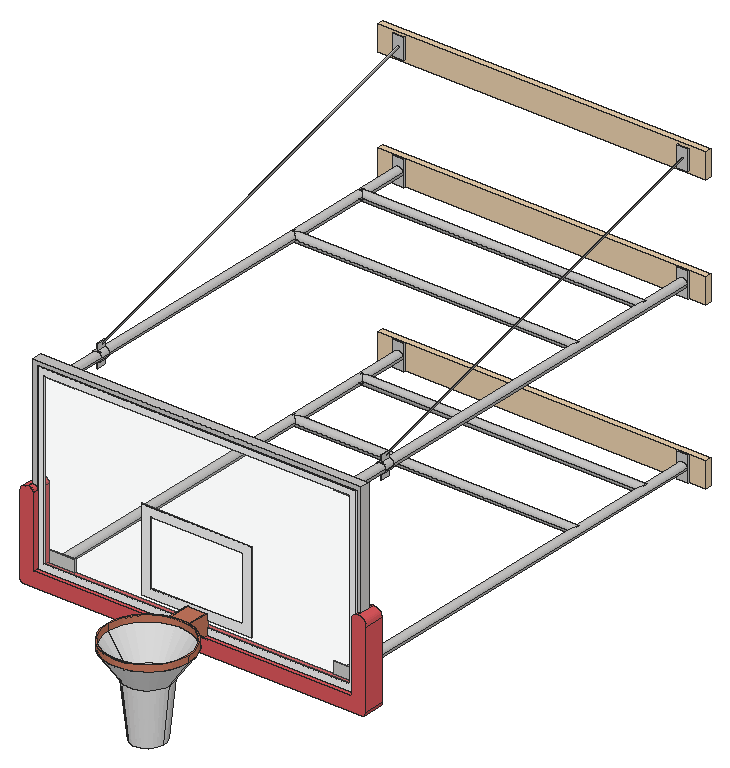
Revit family "Basketball_Backstop-Wall_Mount-Stationary-IPIbyBison-PKGxxSTRG", category Specialty Equipment, Revit 2025
Family settings
  Round Connector Dimension = Use Diameter
  Part Type = Normal
  OmniClass Number = 23.40.50.34.14
  OmniClass Title = Gymnasium Equipment
  Work Plane-Based = No
  Enable Cutting in Views = No
  Always vertical = Yes
  Cut with Voids When Loaded = No
  Maintain Annotation Orientation = No
  Shared = No
  Room Calculation Point = No
Parameters (values of type "PKG82STRG")
  padding color [instance] = Plastic - IPI by Bison - Scarlet SC
  Width = 6' - 0"
  Wall Plate Material = Wood - IPI by Bison
  URL = "https://ipibybison.com/"
  Suspension Type = "Telescoping"
  Support Tubing Material = Steel - IPI by Bison - Tubular Support
  Support Tubing Diameter = 0' - 1.9"
  Specification = "https://www.arcat.com/company/ipi-by-bison-38554/spec"
  Product Page URL = "https://www.arcat.com/arcatcos/cos38/arc38554.html"
  Padding Color [instance] = Plastic - IPI by Bison - Scarlet SC
  PKG82STRG Extension Range = "96\" to 144\""
  PKG68STRG Extension Range = "72\" to 96\""
  PKG46STRG Extension Range = "48\" to 72\""
  Netting = Finish - IPI by Bison - White Netting
  Mounting Height [instance] = 8' - 0"
  Model = "PKG82STRG"
  Manufacturer = "IPI by Bison"
  Keynote = "11 66 00"
  Hoop Finish = Powder Coat - IPI by Bison - Outdoor Orange
  Extension Depth = 8' - 0"
  Description = "Basketball Frame and Backboard, Wall Mount"
  Default Elevation = 0' - 0"
  Copyright = "© 2023 ARCAT"  # constant formula
  Category = ""
  CAD Details = "https://www.arcat.com/company/ipi-by-bison-38554/cad"
  Backboard Material = Fiberglass - IPI by Bison - Backboard
  Backboard Height = 3' - 6"
  Backboard Frame Material = Steel - IPI by Bison - Tubular Support
Types (3): name | Model | Extension Depth
  PKG68STRG | "PKG68STRG" | 6' - 0"
  PKG82STRG | "PKG82STRG" | 8' - 0"
  PKG46STRG | "PKG46STRG" | 4' - 0"
Reference planes (in)
  plane 1 "Back": y = 0
  plane 2 "Floor": z = 0
  plane 3 "Center (Left/Right)": x = 0
  plane 4 "Front": y = -96
  plane 5: y = -94
  plane 6 "Left": x = -36
  plane 7 "Right": x = 36
  plane 8 "Chain Alignment": x = -31.188
  plane 9 "Backboard Bottom": z = 96
  plane 10 "Chain Alignment 2": x = 31.188
  plane 11 "Top": z = 138
  plane 12: z = 135.091
  plane 13: z = 98.909
  plane 14: y = -1.5
  plane 15: y = -1.75
  plane 16: y = -93.75
  plane 17: z = 137.841
  plane 18: z = 132.341
  plane 19: z = 96.159
  plane 20: z = 101.659
  plane 21: x = -32.438
  plane 22: x = -29.938
  plane 23: x = 32.438
  plane 24: x = 29.938
  plane 25: z = 101.25
  plane 26: y = -96.0625
  plane 27: y = -12
  plane 28: z = 156.841
  plane 29 "Top Plate": z = 162.341
  plane 30: y = -82.5
  plane 31: y = -84.5
  plane 32: y = -83.5
  plane 33: z = 159.591
  plane 34: z = 136.841
  plane 35 "Board Center": y = -95
  plane 36: y = -30.5
Forms (in)
  Extrusion 1, solid, material "Steel - IPI by Bison - Tubular Support" <- "Support Tubing Material"
    sketch origin (0, 0, 0) x (1, 0, 0) y (0, 0, 1)
      loop
        circle (-31.188, 98.909) r 0.95
      loop
        circle (-31.188, 135.091) r 0.95
      loop
        circle (31.188, 98.909) r 0.95
      loop
        circle (31.188, 135.091) r 0.95
    from 1.75 to 93.75
  Extrusion 2, solid, material "Wood - IPI by Bison" <- "Wall Plate Material"
    sketch origin (0, 0, 0) x (0, 1, 0) y (0, 0, 1)
      loop
        line (0, 137.841) -> (-1.5, 137.841) -> (-1.5, 132.341) -> (0, 132.341) -> (0, 137.841)
      loop
        line (0, 101.659) -> (-1.5, 101.659) -> (-1.5, 96.159) -> (0, 96.159) -> (0, 101.659)
      loop
        line (0, 162.341) -> (-1.5, 162.341) -> (-1.5, 156.841) -> (0, 156.841) -> (0, 162.341)
    from -36 to 36
  Extrusion 3, solid, material "Steel - IPI by Bison - Tubular Support" <- "Support Tubing Material"
    sketch origin (0, 0, 0) x (1, 0, 0) y (0, 0, 1)
      loop
        line (-32.438, 137.841) -> (-32.438, 132.341) -> (-29.938, 132.341) -> (-29.938, 137.841) -> (-32.438, 137.841)
      loop
        line (29.938, 137.841) -> (29.938, 132.341) -> (32.438, 132.341) -> (32.438, 137.841) -> (29.938, 137.841)
      loop
        line (-32.438, 101.659) -> (-32.438, 96.159) -> (-29.938, 96.159) -> (-29.938, 101.659) -> (-32.438, 101.659)
      loop
        line (29.938, 101.659) -> (29.938, 96.159) -> (32.438, 96.159) -> (32.438, 101.659) -> (29.938, 101.659)
      loop
        line (-32.438, 161.841) -> (-32.438, 157.341) -> (-29.938, 157.341) -> (-29.938, 161.841) -> (-32.438, 161.841)
      loop
        line (32.438, 161.841) -> (29.938, 161.841) -> (29.938, 157.341) -> (32.438, 157.341) -> (32.438, 161.841)
    from 1.5 to 1.75
  Extrusion 4, solid, material "Steel - IPI by Bison - Tubular Support" <- "Support Tubing Material"
    sketch origin (0, 0, 0) x (1, 0, 0) y (0, 0, 1)
      loop
        line (-33.938, 133.841) -> (-28.438, 133.841) -> (-28.438, 136.341) -> (-33.938, 136.341) -> (-33.938, 133.841)
      loop
        line (33.938, 133.841) -> (33.938, 136.341) -> (28.438, 136.341) -> (28.438, 133.841) -> (33.938, 133.841)
      loop
        line (-33.938, 97.659) -> (-28.438, 97.659) -> (-28.438, 100.159) -> (-33.938, 100.159) -> (-33.938, 97.659)
      loop
        line (33.938, 97.659) -> (33.938, 100.159) -> (28.438, 100.159) -> (28.438, 97.659) -> (33.938, 97.659)
    from 93.75 to 94
  Extrusion 5, solid, material "Steel - IPI by Bison - Tubular Support" <- "Backboard Frame Material"
    sketch origin (0, 0, 0) x (1, 0, 0) y (0, 0, 1)
      loop
        line (-36, 138) -> (-36, 96) -> (36, 96) -> (36, 138) -> (-36, 138)
      loop
        line (-35, 137) -> (-35, 97) -> (35, 97) -> (35, 137) -> (-35, 137)
    from 94 to 96
  Extrusion 6, solid, material "Powder Coat - IPI by Bison - White"
    sketch origin (0, 0, 0) x (1, 0, 0) y (0, 0, 1)
      loop
        line (-35, 137) -> (-35, 97) -> (35, 97) -> (35, 137) -> (-35, 137)
      loop
        line (-33.5, 98.5) -> (33.5, 98.5) -> (33.5, 135.5) -> (-33.5, 135.5) -> (-33.5, 98.5)
      loop
        line (-12.061, 99.898) -> (12.061, 99.898) -> (12.061, 117.898) -> (-12.061, 117.898) -> (-12.061, 99.898)
      loop
        line (-10.061, 115.898) -> (-10.061, 101.898) -> (10.061, 101.898) -> (10.061, 115.898) -> (-10.061, 115.898)
    from 96 to 96.0625
  Extrusion 7, solid, material "Fiberglass - IPI by Bison - Backboard" <- "Backboard Material"
    sketch origin (0, 0, 0) x (1, 0, 0) y (0, 0, 1)
      loop
        line (-35, 137) -> (-35, 97) -> (35, 97) -> (35, 137) -> (-35, 137)
    from 94 to 96
  Extrusion 8, solid, material "Steel - IPI by Bison - Tubular Support" <- "Support Tubing Material"
    sketch origin (0, 0, 0) x (0, 1, 0) y (0, 0, 1)
      loop
        circle (-12, 135.091) r 0.95
      loop
        circle (-12, 98.909) r 0.95
    from -31.188 to 31.188
  Extrusion 9, solid, material "Steel - IPI by Bison - Tubular Support" <- "Support Tubing Material"
    sketch origin (0, 0, 0) x (1, 0, 0) y (0, 0, 1)
      loop
        circle (-31.188, 135.091) r 0.95
      loop
        arc (-31.313, 136.18535) -> (-32.28946, 135.091) -> (-31.313, 133.99665) r 1.10146
        line (-31.313, 133.99665) -> (-31.313, 132.657) -> (-31.063, 132.657) -> (-31.063, 133.99665)
        arc (-31.063, 133.99665) -> (-30.08654, 135.091) -> (-31.063, 136.18535) r 1.10146
        line (-31.063, 136.18535) -> (-31.063, 137.525) -> (-31.313, 137.525) -> (-31.313, 136.18535)
      loop
        circle (31.188, 135.091) r 0.95
      loop
        line (31.313, 136.18535) -> (31.313, 137.525) -> (31.063, 137.525) -> (31.063, 136.18535)
        arc (31.063, 136.18535) -> (30.08654, 135.091) -> (31.063, 133.99665) r 1.10146
        line (31.063, 133.99665) -> (31.063, 132.657) -> (31.313, 132.657) -> (31.313, 133.99665)
        arc (31.313, 133.99665) -> (32.28946, 135.091) -> (31.313, 136.18535) r 1.10146
    from 82.5 to 84.5
  Sweep 10, solid, material "Steel - IPI by Bison - Tubular Support" <- "Support Tubing Material"
    path origin (-31.188, 0, 0) x (0, 1, 0) y (0, 0, 1)
      loop
        line (-1.75, 159.591) -> (-83.5, 136.82634)
    profile origin (-31.188, -42.625, 148.20867) x (0, 0.26826, -0.963347) y (1, 0, 0)
      loop
        circle (0, 0) r 0.125
  Sweep 11, solid, material "Steel - IPI by Bison - Tubular Support" <- "Support Tubing Material"
    path origin (31.188, 0, 0) x (0, 1, 0) y (0, 0, 1)
      loop
        line (-1.75, 159.591) -> (-83.5, 136.82634)
    profile origin (31.188, -42.625, 148.20867) x (0, -0.26826, 0.963347) y (-1, 0, 0)
      loop
        circle (0, 0) r 0.125
  Extrusion 12, solid, material "Plastic - IPI by Bison - Scarlet SC" <- "padding color"
    sketch origin (-65.33518, -95, 0.37719) x (-1, 0, 0) y (0, 0, 1)
      loop
        arc (-29.36353, 112.98146) -> (-30.07064, 112.68857) -> (-30.36353, 111.98146) r 1
        line (-30.36353, 111.98146) -> (-30.36353, 96.62281) -> (-100.33518, 96.62281) -> (-100.33518, 111.98146)
        arc (-100.33518, 111.98146) -> (-100.62808, 112.68857) -> (-101.33518, 112.98146) r 1
        line (-101.33518, 112.98146) -> (-101.61353, 112.98146)
        arc (-101.61353, 112.98146) -> (-102.85097, 112.4689) -> (-103.36353, 111.23146) r 1.75
        line (-103.36353, 111.23146) -> (-103.36353, 94.48146)
        arc (-103.36353, 94.48146) -> (-103.07064, 93.77435) -> (-102.36353, 93.48146) r 1
        line (-102.36353, 93.48146) -> (-28.36353, 93.48146)
        arc (-28.36353, 93.48146) -> (-27.65643, 93.77435) -> (-27.36353, 94.48146) r 1
        line (-27.36353, 94.48146) -> (-27.36353, 111.23146)
        arc (-27.36353, 111.23146) -> (-27.8761, 112.4689) -> (-29.11353, 112.98146) r 1.75
        line (-29.11353, 112.98146) -> (-29.36353, 112.98146)
    from -2.18697 to 2.14819
  Extrusion 13, solid, material "Steel - IPI by Bison - Tubular Support" <- "Support Tubing Material"
    sketch origin (0, -18.5, 0) x (0, 1, 0) y (0, 0, 1)
      loop
        circle (-12, 135.091) r 0.95
      loop
        circle (-12, 98.909) r 0.95
    from -31.188 to 31.188
Dimensions and locks (in)
  "Extension Depth": plane 1 "Back" to plane 4 "Front"
  locked: plane 5 to plane 4 "Front" at 2
  equal spacing: plane 6 "Left", plane 3 "Center (Left/Right)", plane 7 "Right"
  "Width": plane 6 "Left" to plane 7 "Right"
  "Mounting Height": plane 9 "Backboard Bottom" to level
  "Backboard Height": plane 11 "Top" to plane 9 "Backboard Bottom"
  plane 14 to plane 1 "Back" = 0' - 1 1/2"
  locked: plane 14 to plane 15 at 0.25
  locked: plane 16 to plane 5 at 0.25
  equal spacing: plane 17, plane 12, plane 18
  locked: plane 17 to plane 18 at 5.5
  equal spacing: plane 20, plane 13, plane 19
  locked: plane 20 to plane 19 at 5.5
  equal spacing: plane 22, plane 8 "Chain Alignment", plane 21
  locked: plane 22 to plane 21 at 2.5
  equal spacing: plane 24, plane 10 "Chain Alignment 2", plane 23
  locked: plane 24 to plane 23 at 2.5
  equal spacing: Extrusion 4 sketch curve, plane 8 "Chain Alignment", Extrusion 4 sketch curve  (x2)
  locked: Extrusion 4 sketch curve to Extrusion 4 sketch curve at 5.5  (x4)
  equal spacing: Extrusion 4 sketch curve, plane 12, Extrusion 4 sketch curve  (x2)
  locked: Extrusion 4 sketch curve to Extrusion 4 sketch curve at 2.5  (x4)
  equal spacing: Extrusion 4 sketch curve, plane 10 "Chain Alignment 2", Extrusion 4 sketch curve  (x2)
  equal spacing: Extrusion 4 sketch curve, plane 13, Extrusion 4 sketch curve  (x2)
  locked: plane 11 "Top" to Extrusion 5 sketch curve at 1
  locked: Extrusion 5 sketch curve to Extrusion 5 sketch curve at 1
  locked: Extrusion 5 sketch curve to plane 7 "Right" at 1
  locked: Extrusion 5 sketch curve to plane 6 "Left" at 1
  Extrusion 6 sketch curve to Extrusion 5 to plane 6 "Left" = 0' - 1 1/2" locked, 0' - 1" locked
  Extrusion 6 sketch curve to Extrusion 5 to plane 7 "Right" = 0' - 1 1/2" locked, 0' - 1" locked
  plane 11 "Top" to Extrusion 5 to Extrusion 6 sketch curve = 0' - 1" locked, 0' - 1 1/2" locked
  Extrusion 6 sketch curve to Extrusion 5 to plane 9 "Backboard Bottom" = 0' - 1 1/2" locked, 0' - 1" locked
  locked: plane 21 to plane 6 "Left" at 3.562
  locked: plane 23 to plane 7 "Right" at 3.562
  locked: Extrusion 6 to plane 6 "Left" at 1
  locked: Extrusion 6 to plane 7 "Right" at 1
  locked: Extrusion 6 to plane 9 "Backboard Bottom" at 1
  locked: plane 11 "Top" to Extrusion 6 at 1
  locked: plane 25 to plane 9 "Backboard Bottom" at 5.25
  locked: plane 4 "Front" to plane 26 at 0.0625
  equal spacing: Extrusion 6 sketch curve, plane 3 "Center (Left/Right)", Extrusion 6 sketch curve
  locked: Extrusion 6 sketch curve to Extrusion 6 sketch curve at 2  (x4)
  locked: Extrusion 6 sketch curve to Extrusion 6 sketch curve at 14
  locked: Extrusion 6 sketch curve to plane 9 "Backboard Bottom" at 3.898
  locked: plane 27 to plane 1 "Back" at 12
  locked: plane 29 "Top Plate" to Extrusion 3 sketch curve at 0.5  (x2)
  locked: Extrusion 3 sketch curve to plane 28 at 0.5  (x2)
  locked: Extrusion 9 sketch curve to plane 12 at 2.434  (x2)
  locked: plane 12 to Extrusion 9 sketch curve at 2.434  (x2)
  locked: plane 30 to plane 31 at 2
  equal spacing: plane 30, plane 32, plane 31
  equal spacing: plane 29 "Top Plate", plane 33, plane 28
  locked: plane 17 to plane 34 at 1
  locked: plane 30 to plane 26 at 13.5625
  locked: plane 29 "Top Plate" to plane 28 at 5.5
  locked: plane 29 "Top Plate" to plane 17 at 24.5
  locked: plane 19 to plane 9 "Backboard Bottom" at 0.159
  locked: plane 11 "Top" to plane 17 at 0.159
  locked: plane 5 to plane 35 "Board Center" at 1
  "Support Tubing Diameter": diameter of Extrusion 1 sketch curve  (x4)
  "Support Tubing Diameter": diameter of Extrusion 8 sketch curve  (x2)
  "Support Tubing Diameter": diameter of Extrusion 13 sketch curve  (x2)
  aligned and locked: plane 2 "Floor" to level
  aligned and locked: plane 8 "Chain Alignment" to Extrusion 1 sketch curve  (x2)
  aligned and locked: plane 13 to Extrusion 1 sketch curve  (x2)
  aligned and locked: plane 12 to Extrusion 1 sketch curve  (x2)
  aligned and locked: plane 10 "Chain Alignment 2" to Extrusion 1 sketch curve  (x2)
  aligned and locked: Extrusion 1 to plane 16
  aligned and locked: plane 15 to Extrusion 1
  aligned and locked: Extrusion 2 sketch curve to plane 17
  aligned and locked: plane 14 to Extrusion 2 sketch curve  (x3)
  aligned and locked: plane 1 "Back" to Extrusion 2 sketch curve  (x3)
  aligned and locked: plane 18 to Extrusion 2 sketch curve
  aligned and locked: Extrusion 2 sketch curve to plane 20
  aligned and locked: plane 19 to Extrusion 2 sketch curve
  aligned and locked: Extrusion 2 to plane 6 "Left"
  aligned and locked: Extrusion 2 to plane 7 "Right"
  aligned and locked: plane 18 to Extrusion 3 sketch curve  (x2)
  aligned and locked: plane 21 to Extrusion 3 sketch curve  (x3)
  aligned and locked: plane 22 to Extrusion 3 sketch curve  (x3)
  aligned and locked: Extrusion 3 sketch curve to plane 17  (x2)
  aligned and locked: plane 23 to Extrusion 3 sketch curve  (x2)
  aligned and locked: plane 24 to Extrusion 3 sketch curve  (x2)
  aligned and locked: plane 19 to Extrusion 3 sketch curve  (x2)
  aligned and locked: Extrusion 3 sketch curve to plane 20  (x2)
  aligned and locked: plane 14 to Extrusion 3
  aligned and locked: Extrusion 3 to plane 15
  aligned and locked: Extrusion 4 to plane 5
  aligned and locked: plane 16 to Extrusion 4
  aligned and locked: plane 6 "Left" to Extrusion 5 sketch curve
  aligned and locked: Extrusion 5 sketch curve to plane 11 "Top"
  aligned and locked: plane 9 "Backboard Bottom" to Extrusion 5 sketch curve
  aligned and locked: plane 7 "Right" to Extrusion 5 sketch curve
  aligned and locked: plane 5 to Extrusion 5
  aligned and locked: Extrusion 5 to plane 4 "Front"
  aligned and locked: plane 5 to Extrusion 7
  aligned and locked: nested 1 to plane 3 "Center (Left/Right)"
  aligned and locked: nested 1 to plane 25
  aligned and locked: nested 1 to plane 4 "Front"
  aligned and locked: plane 4 "Front" to Extrusion 6
  aligned and locked: plane 26 to Extrusion 6
  aligned and locked: Extrusion 7 to plane 4 "Front"
  aligned and locked: plane 27 to Extrusion 8 sketch curve  (x2)
  aligned and locked: plane 12 to Extrusion 8 sketch curve
  aligned and locked: Extrusion 8 to plane 8 "Chain Alignment"
  aligned and locked: Extrusion 8 to plane 10 "Chain Alignment 2"
  aligned and locked: plane 13 to Extrusion 8 sketch curve
  aligned and locked: plane 28 to Extrusion 2 sketch curve
  aligned and locked: Extrusion 2 sketch curve to plane 29 "Top Plate"
  aligned and locked: Extrusion 3 sketch curve to plane 24
  aligned and locked: Extrusion 3 sketch curve to plane 23
  aligned and locked: plane 8 "Chain Alignment" to Extrusion 9 sketch curve
  aligned and locked: plane 12 to Extrusion 9 sketch curve  (x2)
  aligned and locked: plane 10 "Chain Alignment 2" to Extrusion 9 sketch curve
  aligned and locked: plane 30 to Extrusion 9
  aligned and locked: Extrusion 9 to plane 31
  aligned and locked: plane 33 to Sweep 10 sketch curve
  aligned and locked: plane 32 to Sweep 10 sketch curve
  aligned and locked: plane 15 to Sweep 10 sketch curve
  aligned and locked: plane 32 to Sweep 11 sketch curve
  aligned and locked: plane 15 to Sweep 11 sketch curve
  aligned and locked: plane 36 to Extrusion 13 sketch curve  (x2)
Automatic sketch dimensions
  plane 34 to Extrusion 6 sketch curve = 0' - 0.159"
  plane 6 "Left" to Extrusion 6 sketch curve = 0' - 1"
  Extrusion 6 sketch curve to plane 3 "Center (Left/Right)" = 1' - 0.061"
  plane 7 "Right" to Extrusion 6 sketch curve = 0' - 1"
  plane 19 to Extrusion 6 sketch curve = 0' - 0.841"
  plane 6 "Left" to Extrusion 7 sketch curve = 0' - 1"
  plane 7 "Right" to Extrusion 7 sketch curve = 0' - 1"
  plane 19 to Extrusion 7 sketch curve = 0' - 0.841"
  plane 34 to Extrusion 7 sketch curve = 0' - 0.159"
  Extrusion 9 sketch curve to Extrusion 9 sketch curve = 0' - 0"  (x10)
  Extrusion 9 sketch curve to plane 8 "Chain Alignment" = 0' - 0 1/8"  (x2)
  plane 8 "Chain Alignment" to Extrusion 9 sketch curve = 0' - 0 1/8"  (x2)
  plane 10 "Chain Alignment 2" to Extrusion 9 sketch curve = 0' - 0 1/8"  (x2)
  Extrusion 9 sketch curve to plane 10 "Chain Alignment 2" = 0' - 0 1/8"  (x2)
  Extrusion 9 sketch curve to plane 12 = 0' - 1.09435"  (x2)
  Sweep 10 sketch curve to plane 34 = 0' - 0.01466"
  Sweep 10 sketch curve to plane 8 "Chain Alignment" = 0' - 0"
  Sweep 10 sketch curve to profile plane = 0' - 0"
  Sweep 11 sketch curve to plane 33 = 0' - 0"
  plane 34 to Sweep 11 sketch curve = 0' - 0.01466"
  Sweep 11 sketch curve to plane 10 "Chain Alignment 2" = 0' - 0"
  profile plane to Sweep 11 sketch curve = 0' - 0"
  plane 7 "Right" to Extrusion 12 sketch curve = 0' - 0"
  Extrusion 12 sketch curve to plane 7 "Right" = 0' - 0.27835"
  Extrusion 12 sketch curve to plane 7 "Right" = 0' - 1.02835"
  Extrusion 12 sketch curve to Extrusion 12 sketch curve = 0' - 1 3/4"  (x2)
  plane 7 "Right" to Extrusion 12 sketch curve = 0' - 1"
  plane 6 "Left" to Extrusion 12 sketch curve = 0' - 1.02835"
  plane 6 "Left" to Extrusion 12 sketch curve = 0' - 0.02835"
  Extrusion 12 sketch curve to plane 6 "Left" = 0' - 0.22165"
  Extrusion 12 sketch curve to plane 6 "Left" = 0' - 0.97165"
  Extrusion 12 sketch curve to plane 9 "Backboard Bottom" = 0' - 2.14135"
  plane 19 to Extrusion 12 sketch curve = 0' - 0.841"
  plane 20 to Extrusion 12 sketch curve = 0' - 9.94965"  (x2)
  plane 13 to Extrusion 13 sketch curve = 0' - 0"
  Extrusion 13 sketch curve to plane 12 = 0' - 0"
  radius of Extrusion 9 sketch curve = 0' - 0.95"  (x2)
  radius of Sweep 10 sketch curve = 0' - 0 1/8"
  radius of Sweep 11 sketch curve = 0' - 0 1/8"
Nested families (in)
  nested 1: "Playground-System_Heavy-Duty-4_1-2in_PR52_Basket" at (0, -96, 101.25), Netting <- "Netting", Frame <- "Hoop Finish", type "Playground-System_Heavy-Duty-4_1-2in_PR52_Basket"
    with Netting Finish - IPI by Bison - White Netting, Frame Powder Coat - IPI by Bison - Outdoor Orange
Definition of nested family "Playground-System_Heavy-Duty-4_1-2in_PR52_Basket"
  Parameters (values of type "Playground-System_Heavy-Duty-4_1-2in_PR52_Basket")
    Netting [instance] = none
    Frame [instance] = none
    Default Elevation = 0' - 0"
  Reference planes (in)
    plane 1 "Center (Front/Back)": y = 0
    plane 2: z = 0
    plane 3 "Center (Left/Right)": x = 0
    plane 4 "Net": y = -13.5
    plane 5: x = -2.25
    plane 6: x = 2.25
  Forms (in)
    Extrusion 1, solid, material <- "Frame"
      sketch origin (0, 0, 0) x (1, 0, 0) y (0, 1, 0)
        loop
          circle (0, -13.5) r 9
        loop
          circle (0, -13.5) r 8.75
      from -1.38229 to 0
    Extrusion 2, solid, material <- "Frame"
      sketch origin (0, 0, 0) x (0, 1, 0) y (0, 0, 1)
        loop
          line (0, 0) -> (-4.75, 0) -> (-4.75, -1.1813) -> (0, -5.25) -> (0, 0)
      from -2.25 to -2.06458
    Extrusion 3, solid, material <- "Frame"
      sketch origin (0, 0, 0) x (0, 1, 0) y (0, 0, -1)
        loop
          line (0, 0) -> (0, 5.25) -> (-4.75, 1.1813) -> (-4.75, 0) -> (0, 0)
      from -2.25 to -2.06458
    Extrusion 4, solid, material <- "Frame"
      sketch origin (0, 0, 0) x (0, 1, 0) y (0, 0, 1)
        loop
          line (-4.75, 0) -> (-4.75, -0.25) -> (-0.25, -0.25) -> (-0.25, -5.03586) -> (0, -5.25) -> (0, 0) -> (-4.75, 0)
      from -2.06458 to 2.06458
    Revolve 5, solid, material <- "Netting"
      sketch origin (0, -13.5, 0) x (-1, 0, 0) y (0, 0, 1)
        loop
          line (9, -1.38229) -> (8.8474, -1.38229) -> (4.72063, -7.27592) -> (3.4482, -19.38229) -> (3.57389, -19.38229) -> (4.84157, -7.32114) -> (9, -1.38229)
        axis (0, -1.38229) -> (0, -19.38229)
      angle from 0 to 360
  Dimensions and locks (in)
    locked: level to Extrusion 1 at 1.38229
    locked: plane 4 "Net" to plane 1 "Center (Front/Back)" at 13.5
    equal spacing: plane 6, plane 3 "Center (Left/Right)", plane 5
    locked: plane 6 to plane 5 at 4.5
    aligned and locked: plane 2 to level
    aligned and locked: level to Extrusion 1
  Automatic sketch dimensions
    Extrusion 1 sketch curve to Extrusion 1 sketch curve = 0' - 0"  (x2)
    Extrusion 1 sketch curve to plane 3 "Center (Left/Right)" = 0' - 0"
    Extrusion 1 sketch curve to plane 4 "Net" = 0' - 0"
    Revolve 5 sketch curve to plane 3 "Center (Left/Right)" = 0' - 0"
    Revolve 5 sketch curve to plane 5 = 0' - 1.1982"
    Revolve 5 sketch curve to Revolve 5 sketch curve = 0' - 0.12569"
    Revolve 5 sketch curve to plane 5 = 0' - 2.47063"
    Revolve 5 sketch curve to Revolve 5 sketch curve = 0' - 0.12094"
    Revolve 5 sketch curve to level = 0' - 1.38229"  (x2)
    Revolve 5 sketch curve to plane 5 = 0' - 6.5974"
    Revolve 5 sketch curve to Revolve 5 sketch curve = 0' - 0.1526"
    Revolve 5 sketch curve to Revolve 5 sketch curve = 0' - 0.04522"
    Revolve 5 sketch curve to Revolve 5 sketch curve = 1' - 0.06115"
    Revolve 5 sketch curve to Revolve 5 sketch curve = 0' - 1"
    Revolve 5 sketch curve to Revolve 5 sketch curve = 0' - 5.89364"
    Extrusion 2 sketch curve to level = 0' - 0"
    Extrusion 2 sketch curve to plane 1 "Center (Front/Back)" = 0' - 0"
    Extrusion 2 sketch curve to level = 0' - 1.1813"
    plane 1 "Center (Front/Back)" to Extrusion 2 sketch curve = 0' - 4 3/4"
    Extrusion 2 sketch curve to level = 0' - 5 1/4"
    Extrusion 3 sketch curve to level = 0' - 0"
    Extrusion 3 sketch curve to plane 1 "Center (Front/Back)" = 0' - 0"
    Extrusion 3 sketch curve to level = 0' - 1.1813"
    plane 1 "Center (Front/Back)" to Extrusion 3 sketch curve = 0' - 4 3/4"
    Extrusion 3 sketch curve to level = 0' - 5 1/4"
    Extrusion 4 sketch curve to level = 0' - 0"
    Extrusion 4 sketch curve to plane 1 "Center (Front/Back)" = 0' - 0"
    plane 1 "Center (Front/Back)" to Extrusion 4 sketch curve = 0' - 0 1/4"
    Extrusion 4 sketch curve to level = 0' - 0 1/4"
    Extrusion 4 sketch curve to Extrusion 4 sketch curve = 0' - 4 1/2"
    Extrusion 4 sketch curve to Extrusion 4 sketch curve = 0' - 4.78586"
    Extrusion 4 sketch curve to Extrusion 4 sketch curve = 0' - 0.21414"
    radius of Extrusion 1 sketch curve = 0' - 9"
    radius of Extrusion 1 sketch curve = 0' - 8 3/4"
